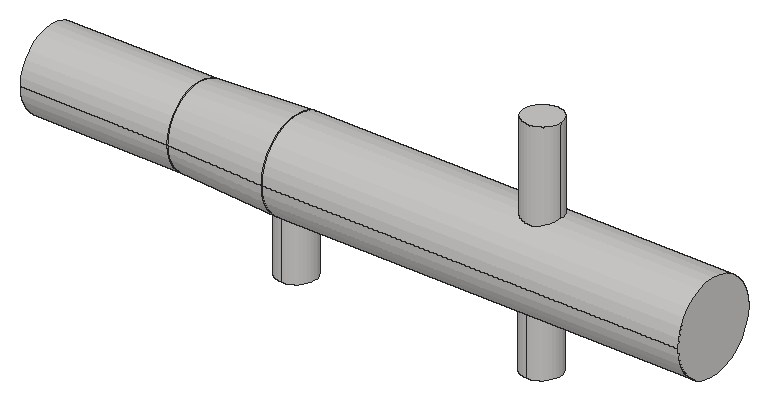
Revit family "BIMLIB_Коллектор_867_2_РОСТерм", category Оборудование, Revit 2017
Family settings
  Размер круглого соединителя = Использовать диаметр
  Тип детали = Нормальный
  На основе рабочей плоскости = Нет
  Всегда вертикально = Да
  При загрузке вырезать с полостями = Нет
  Общий = Нет
  Точка расчета площади = Нет
Parameters (values of type "Коллектор HEIZEN 867 для систем отопления сварной Ду32 на 2 выхода")
  РТ_Шаг = 100 mm
  РТ_l = 100 mm  # constant formula
  РТ_R1 = 18 mm
  РТ_R_низ = РТ_DN_низ / 2  # 7.5 mm
  РТ_DN3 = 15 mm  # constant formula
  Описание = "Коллекторы Heizen изготовлены из высококачественной латуни и нержавеющей стали, что исключает риск протечек. Коллекторы могут быть оснащены различными видами арматуры: ручными балансировочными клапанами,ручными запорными клапанами, термостатическими клапанами, расходомерами, воздухоотводчиками и дренажными кранами."
  РТ_DN_низ = 15 mm  # constant formula
  РТ_DN_бок = 32 mm
  Изготовитель = "РОСТерм"  # constant formula
  URL = "http://rostherm.ru/"
  RT_R2 = РТ_DN_бок / 2  # 16 mm
  BL_Разработано = "support@bimlib.ru"  # constant formula
  BL_Email = "rostherm@bimlib.ru"  # constant formula
  BL_BIM library = "https://bimlib.pro/manufacturer/rosterm/1632/"
  ADSK_Расход жидкости [instance] = 0.0 L/s
  ADSK_Примечание = ""
  ADSK_Позиция = ""
  ADSK_Обозначение = "ГОСТ 12.2.063-2015"  # constant formula
  ADSK_Наименование краткое = "HEIZEN 867 Ду32"
  ADSK_Наименование = "Коллектор HEIZEN 867 для систем отопления сварной Ду32 на 2 выхода"
  ADSK_Материал = BIMLIB_Нержавеющая_сталь_РОСТерм
  ADSK_Масса_Текст = ""
  ADSK_Масса = 0
  ADSK_Марка = "HEIZEN 867"  # constant formula
  ADSK_Код изделия = "867-32-10-02"
  ADSK_Завод-изготовитель = "Heizen"  # constant formula
  ADSK_Единица измерения = "шт."  # constant formula
  ADSK_Версия Revit = "2017"  # constant formula
  ADSK_URL страницы изделия = "http://rostherm.ru/kollektory/"
  ADSK_URL документации изделия = "http://rostherm.ru/"
Types (3, lengths in mm): name | РТ_R1 | РТ_DN_бок | RT_R2 | ADSK_Наименование краткое | ADSK_Наименование | ADSK_Код изделия
  Коллектор HEIZEN 867 для систем отопления сварной Ду50 на 2 выхода | 27 | 50 | 25 | "HEIZEN 867 Ду50" | "Коллектор HEIZEN 867 для систем отопления сварной Ду50 на 2 выхода" | "867-50-10-02"
  Коллектор HEIZEN 867 для систем отопления сварной Ду40 на 2 выхода | 22 | 40 | 20 | "HEIZEN 867 Ду40" | "Коллектор HEIZEN 867 для систем отопления сварной Ду40 на 2 выхода" | "867-40-10-02"
  Коллектор HEIZEN 867 для систем отопления сварной Ду32 на 2 выхода | 18 | 32 | 16 | "HEIZEN 867 Ду32" | "Коллектор HEIZEN 867 для систем отопления сварной Ду32 на 2 выхода" | "867-32-10-02"
Reference planes
  plane 1 "По центру (Вперед/Назад)": y = 0
  plane 2: z = 0
  plane 3 "По центру (Влево/Вправо)": x = 0
  plane 4: x = 100
  plane 5: x = 60
Forms (mm)
  Extrusion 1, solid, material "BIMLIB_Нержавеющая_сталь_РОСТерм" <- "ADSK_Материал", detail levels medium+fine
    sketch origin (65, 0, 0) x (0, 1, 0) y (0, 0, 1)
      loop
        circle (0, 0) r 18
    from 35 to 205
  Sweep 2, solid, material "BIMLIB_Нержавеющая_сталь_РОСТерм" <- "ADSK_Материал", detail levels medium+fine
    path origin (65, 0, 7.5) x (1, 0, 0) y (0, 0, 1)
      loop
        line (35, -7.5) -> (35, -47.5)
    profile origin (100, 0, -20) x (0, -1, 0) y (1, 0, 0)
      loop
        circle (0, 0) r 7.5
  Blend 3, solid, material "BIMLIB_Нержавеющая_сталь_РОСТерм" <- "ADSK_Материал", detail levels medium+fine
    base sketch origin (50, 0, 0) x (0, 1, 0) y (0, 0, 1)
      loop
        circle (0, 0) r 18
    top sketch origin (50, 0, 0) x (0, 1, 0) y (0, 0, 1)
      loop
        circle (0, 0) r 16
    from 50 to 10
  Extrusion 4, solid, material "BIMLIB_Нержавеющая_сталь_РОСТерм" <- "ADSK_Материал", detail levels medium+fine
    sketch origin (50, 0, 0) x (0, 1, 0) y (0, 0, 1)
      loop
        circle (0, 0) r 16
    from -50 to 10
  Sweep 5, solid, material "BIMLIB_Нержавеющая_сталь_РОСТерм" <- "ADSK_Материал", detail levels medium+fine
    path origin (165, 0, 7.5) x (1, 0, 0) y (0, 0, 1)
      loop
        line (35, -7.5) -> (35, -47.5)
    profile origin (200, 0, -20) x (0, -1, 0) y (1, 0, 0)
      loop
        circle (0, 0) r 7.5
  Extrusion 6, solid, material "BIMLIB_Нержавеющая_сталь_РОСТерм" <- "ADSK_Материал", detail levels medium+fine
    sketch origin (-899.38, 0, 0) x (1, 0, 0) y (0, 1, 0)
      loop
        circle (1099.815, 0) r 7.5
    from 0 to 52.797
Cuts and joins
  joined: Extrusion 1, Extrusion 6
Lines and regions (mm)
  model lines, detail levels coarse
    curve 1: line (0, 0, 0) -> (270, 0, 0)
    curve 2: line (100, 0, 0) -> (100, 0, -40)
    curve 3: line (200.436, 0, -40) -> (200.436, 0, 0)
Dimensions and locks
  "РТ_l": plane 4 to plane 3 "По центру (Влево/Вправо)"
  Sweep 2 sketch curve to Sweep 2 sketch curve = 40 mm
  locked: plane 4 to plane 5 at 40
  Sweep 5 sketch curve to Sweep 5 sketch curve = 40 mm
  "РТ_R1": radius of Extrusion 1 sketch curve
  "РТ_R_низ": radius of Sweep 2 sketch curve
  "РТ_R1": radius of Blend 3 sketch curve
  "RT_R2": radius of Blend 3 sketch curve
  "RT_R2": radius of Extrusion 4 sketch curve
  "РТ_R_низ": radius of Sweep 5 sketch curve
  "РТ_R_низ": radius of Extrusion 6 sketch curve
  aligned and locked: level to plane 2
  aligned and locked: curve 2 to plane 4
  aligned and locked: plane 4 to Sweep 2
  aligned and locked: Blend 3 to plane 5
  aligned and locked: Extrusion 4 to plane 3 "По центру (Влево/Вправо)"
  aligned and locked: Extrusion 4 to Blend 3
  aligned and locked: curve 1 to cut or joined group of Extrusion 1, Extrusion 6
Automatic sketch dimensions
  Sweep 2 sketch curve to profile plane = 0 mm
  profile plane to Sweep 2 sketch curve = 0 mm
  Extrusion 1 sketch curve to level = 0 mm
  Extrusion 1 sketch curve to plane 1 "По центру (Вперед/Назад)" = 0 mm
  Blend 3 sketch curve to level = 0 mm  (x2)
  Blend 3 sketch curve to plane 1 "По центру (Вперед/Назад)" = 0 mm  (x2)
  Extrusion 4 sketch curve to level = 0 mm
  Extrusion 4 sketch curve to plane 1 "По центру (Вперед/Назад)" = 0 mm
  Sweep 5 sketch curve to profile plane = 0 mm
  profile plane to Sweep 5 sketch curve = 0 mm
  plane 1 "По центру (Вперед/Назад)" to Extrusion 6 sketch curve = 0 mm
  plane 4 to Extrusion 6 sketch curve = 100.436 mm
  curve 1 to plane 3 "По центру (Влево/Вправо)" = 0 mm
  curve 3 to level = 40 mm
  curve 2 to curve 3 = 100.436 mm
  curve 3 to curve 1 = 69.564 mm
  curve 2 to level = 40 mm
Connectors
  piping at (100, 0, -40), diameter 15, driven by "РТ_DN_низ", driven by "ADSK_Расход жидкости"
    settings: on Sweep 2, index 3, connector inside diameter 609.6 mm, connector length 0 mm, flow factor 0, pipe flow 0.0 L/s, pressure drop 0.0 Pa, fitting loss kfactor 0, connector angle 0.00°, fixture units 0, engagement length 0 mm, angle of deflection 0.00°, flow configuration 0, flow direction 2, fitting loss method 0, system type 7, joint type 0, gender type 0, connector reference index -1, connector utility 0, adjustable connector no, is connector primary yes, connector description ""
  piping at (0, 0, 0), diameter 32, driven by "ADSK_Расход жидкости", driven by "РТ_DN_бок"
    settings: on Extrusion 4, index 38, connector inside diameter 609.6 mm, connector length 0 mm, flow factor 0, pipe flow 0.0 L/s, pressure drop 0.0 Pa, fitting loss kfactor 0, connector angle 0.00°, fixture units 0, engagement length 0 mm, angle of deflection 0.00°, flow configuration 0, flow direction 1, fitting loss method 0, system type 7, joint type 0, gender type 0, connector reference index -1, connector utility 0, adjustable connector no, is connector primary no, connector description ""
  piping at (200, 0, -40), diameter 15, driven by "РТ_DN_низ", driven by "ADSK_Расход жидкости"
    settings: on Sweep 5, index 39, connector inside diameter 609.6 mm, connector length 0 mm, flow factor 0, pipe flow 0.0 L/s, pressure drop 0.0 Pa, fitting loss kfactor 0, connector angle 0.00°, fixture units 0, engagement length 0 mm, angle of deflection 0.00°, flow configuration 0, flow direction 2, fitting loss method 0, system type 7, joint type 0, gender type 0, connector reference index -1, connector utility 0, adjustable connector no, is connector primary no, connector description ""
  piping at (200.436, 0, 52.797), diameter 15, driven by "РТ_DN3", driven by "ADSK_Расход жидкости"
    settings: on cut or joined group of Extrusion 1, Extrusion 6, index 40, connector inside diameter 609.6 mm, connector length 0 mm, flow factor 0, pipe flow 0.0 L/s, pressure drop 0.0 Pa, fitting loss kfactor 0, connector angle 0.00°, fixture units 0, engagement length 0 mm, angle of deflection 0.00°, flow configuration 0, flow direction 0, fitting loss method 0, system type 29, joint type 0, gender type 0, connector reference index -1, connector utility 0, adjustable connector no, is connector primary no, connector description ""
